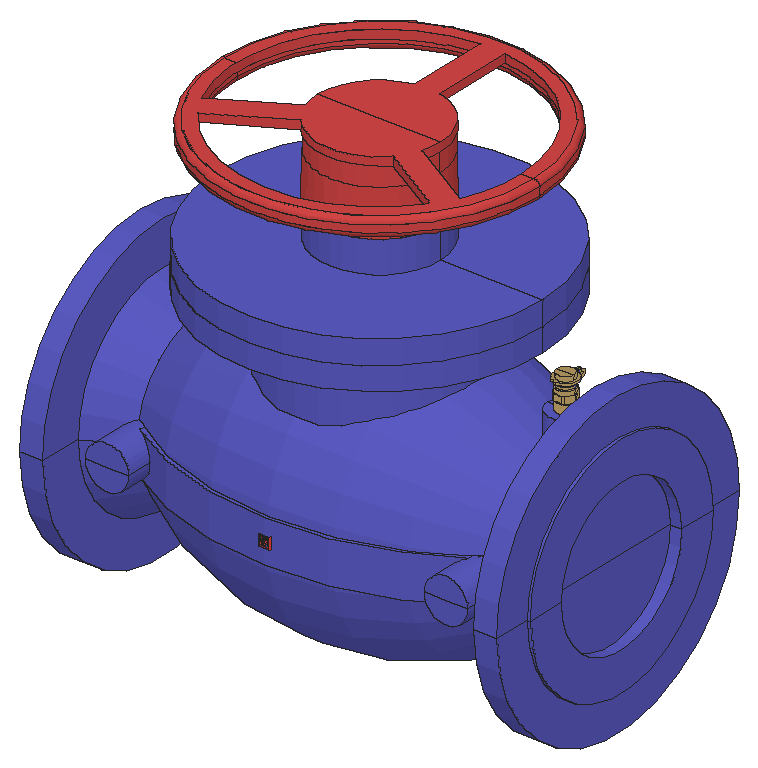
Revit family "Strangregulierventil für Differenzdruckmessung, Geradsitzform 4218 GF", category Rohrzubehör, Revit 2018
Family settings
  Bemaßung runder Anschluss = Durchmesser verwenden
  Teiletyp = Unterbricht
  OmniClass-Nummer = 23.65.55.14
  OmniClass-Titel = Valves for Liquid Services
  Arbeitsebenenbasiert = Nein
  Immer vertikal = Ja
  Beim Laden mit Abzugskörper schneiden = Nein
  Gemeinsam genutzt = Nein
Parameters
  kvs-Wert [instance] = if(Nennweite = 50.00 mm, 34.96, if(Nennweite = 65.00 mm, 66.94, if(Nennweite = 80.00 mm, 106.78, if(Nennweite = 100.00 mm, 169.45, if(Nennweite = 125.00 mm, 255.79, if(Nennweite = 150.00 mm, 389.54, if(Nennweite = 200.00 mm, 676.33, if(Nennweite = 250.00 mm, 1082.72, if(Nennweite = 300.00 mm, 1784.91, 0)))))))))  # 255.79
  Zählvorrichtung = "Kunststoff"  # constant formula
  W02 = 60.00°  # constant formula
  W01 = 85.00°  # constant formula
  Ventilkegel = "Grauguss GJL 250 nach EN 1561/ EPDM beschichtet"  # constant formula
  S01 [instance] = Nennweite + 10.00 mm  # 135.00 mm
  Regulierspindel = "Messing / Edelstahl"  # constant formula
  Oberteil = "Grauguss GJL 250 nach EN 1561"  # constant formula
  Spindel (bis DN100) = "Messing"  # constant formula
  O-Ringe = "EPDM"  # constant formula
  Gehäuse = "Grauguss GJL 250 nach EN 1561"  # constant formula
  URL = "www.herz-armaturen.at"
  SCRNSEQ = "ARM;ARM_TYP=\"STRV\";2"
  SCRNCODE = "05;07;02"  # constant formula
  R02 [instance] = size_lookup("4218_GF_", "R2", 1.00 mm, Nennweite)  # 15.00 mm
  R01 [instance] = size_lookup("4218_GF_", "R1", 1.00 mm, Nennweite)  # 18.00 mm
  Spindel (ab DN125) = "Edelstahl"  # constant formula
  Nennweite [instance] = 125.00 mm
  Medium = "Heizwasserqualität entsprechend ÖNORM H 5195 bzw. VDI Richtlinie 2035.\r\nEthylen und Propylenglykol können in einem Verhältnis von 25-50 vol. [%] gemischt werden."
  Max. Betriebstemperatur = 110 °C  # constant formula
  Min. Betriebstemperatur = -10 °C  # constant formula
  Max. Betriebsdruck = 1600000.0 Pa  # constant formula
  L04 [instance] = size_lookup("4218_GF_", "L4", 1.00 mm, Nennweite)  # 154.00 mm
  L03 [instance] = if(Nennweite = 50.00 mm, 48.00 mm, if(Nennweite = 65.00 mm, 52.00 mm, if(Nennweite = 80.00 mm, 60.00 mm, if(Nennweite = 100.00 mm, 75.00 mm, 15.00 mm))))  # 15.00 mm
  L02 [instance] = size_lookup("4218_GF_", "L2", 1.00 mm, Nennweite)  # 140.00 mm
  L01 [instance] = size_lookup("4218_GF_", "L1", 1.00 mm, Nennweite)  # 145.00 mm
  L00 [instance] = size_lookup("4218_GF_", "L", 1.00 mm, Nennweite)  # 400.00 mm
  Hersteller = "HERZ Armaturen Ges.m.b.H."  # constant formula
  H09 [instance] = H08 + H02  # 200.00 mm
  H08 [instance] = size_lookup("4218_GF_", "H8", 1.00 mm, Nennweite)  # 46.00 mm
  H07 [instance] = H02 + H06  # 174.00 mm
  H06 [instance] = size_lookup("4218_GF_", "H6", 1.00 mm, Nennweite)  # 20.00 mm
  H05 [instance] = size_lookup("4218_GF_", "H5", 1.00 mm, Nennweite)  # 100.00 mm
  H04 [instance] = H02 - H03  # 135.00 mm
  H03 [instance] = size_lookup("4218_GF_", "H3", 1.00 mm, Nennweite)  # 19.00 mm
  H02 [instance] = size_lookup("4218_GF_", "H2", 1.00 mm, Nennweite)  # 154.00 mm
  H01 [instance] = size_lookup("4218_GF_", "H1", 1.00 mm, Nennweite)  # 106.00 mm
  GT = 10.00 mm  # constant formula
  FLL02 [instance] = size_lookup("4218_GF_", "FLL2", 1.00 mm, Nennweite)  # 19.00 mm
  FLL01 [instance] = size_lookup("4218_GF_", "FLL1", 1.00 mm, Nennweite)  # 3.00 mm
  FLD03 [instance] = size_lookup("4218_GF_", "FLD3", 1.00 mm, Nennweite)  # 69.90 mm
  FLD02 [instance] = size_lookup("4218_GF_", "FLD2", 1.00 mm, Nennweite)  # 89.00 mm
  FLD01 [instance] = size_lookup("4218_GF_", "FLD1", 1.00 mm, Nennweite)  # 94.00 mm
  FLD00 [instance] = size_lookup("4218_GF_", "FLD", 1.00 mm, Nennweite)  # 125.00 mm
  Differenzdruckmessnung = "Das Strömax GF Strangregulierventil ist mit zwei Schnellmessventilen ausgestattet:\r\nBei Verwendung eines geeigneten Messgerätes kann der Differenzdruck gemessen und dadurch die jeweilige Durchflussmenge in Abhängigkeit der Einstellstufe ermittelt werden.\r\nAn den HERZ Messcomputern ist außerdem direkt die jeweilige Durchflussmenge ablesbar (siehe Gerätehandbuch).\r\nBei Verwendung von Frostschutzmittel ändert sich die Dichte des Medium, die bei Differenzdruckmessungen entsprechend zu berücksichtigen ist."
  DN80-DN100 [instance] = or(Nennweite = 80.00 mm, Nennweite = 100.00 mm)  # no
  DN80 [instance] = Nennweite = 80.00 mm  # no
  DN65 [instance] = Nennweite = 65.00 mm  # no
  DN50-DN65 [instance] = or(Nennweite = 50.00 mm, Nennweite = 65.00 mm)  # no
  DN50-DN100 [instance] = or(Nennweite = 50.00 mm, Nennweite = 65.00 mm, Nennweite = 80.00 mm, Nennweite = 100.00 mm)  # no
  DN50 [instance] = Nennweite = 50.00 mm  # no
  DN300 [instance] = Nennweite = 300.00 mm  # no
  DN250 [instance] = Nennweite = 250.00 mm  # no
  DN200-DN300 [instance] = or(Nennweite = 200.00 mm, Nennweite = 250.00 mm, Nennweite = 300.00 mm)  # no
  DN200 [instance] = Nennweite = 200.00 mm  # no
  DN150 [instance] = Nennweite = 150.00 mm  # no
  DN125-DN300 [instance] = or(Nennweite = 125.00 mm, Nennweite = 150.00 mm, Nennweite = 200.00 mm, Nennweite = 250.00 mm, Nennweite = 300.00 mm)  # yes
  DN125-DN150 [instance] = or(Nennweite = 125.00 mm, Nennweite = 150.00 mm)  # yes
  DN125 [instance] = Nennweite = 125.00 mm  # yes
  DN100 [instance] = Nennweite = 100.00 mm  # no
  D03 [instance] = size_lookup("4218_GF_", "D3", 1.00 mm, Nennweite)  # 50.50 mm
  D02 [instance] = size_lookup("4218_GF_", "D2", 1.00 mm, Nennweite)  # 135.00 mm
  D01 [instance] = size_lookup("4218_GF_", "D1", 1.00 mm, Nennweite)  # 86.00 mm
  D00 [instance] = size_lookup("4218_GF_", "D", 1.00 mm, Nennweite)  # 117.00 mm
  Bestellnummer [instance] = size_lookup("4218_GF_", "Artnr", 0, Nennweite)  # 1421884
  BH02 [instance] = -BH01  # -17.50 mm
  BH01 [instance] = size_lookup("4218_GF_", "BH1", 1.00 mm, Nennweite)  # 17.50 mm
  Ausführung = "Geradsitzform, Gehäuse Grauguss GJL 250 nach EN 1561, Flansche nach EN 1092, PN 16, blau lackiert.\r\nVentiloberteil Grauguss GJL 250, mit nicht steigender Spindel, Spindelabdichtung durch Drei-fach-O-Ring.\r\nDigitale Anzeige der Voreinstellstuffe."
  Anwendungen = "Zum hydraulischenAbgleich in Heiz- oder Kühlanlagen, Einregulieren und Absperren von Verteilleitungen, Strängen, Wärmetauschern, Heiz- und Kühlregistern."
  Anschluss [instance] = Nennweite / 2  # 62.50 mm
Reference planes
  plane 1 "Mitte (Vorne/hinten)": y = 0
  plane 2: z = 0
  plane 3 "Mitte (Links/rechts)": x = 0
Forms (mm)
  Revolve 1, solid, material "Herz-Marineblau", detail levels fine
    sketch origin (1058.943, 0, 0) x (1, 0, 0) y (0, 1, 0)
      loop
        line (-1255.943, 125) -> (-1255.943, 94) -> (-1258.943, 94) -> (-1258.943, 62.5) -> (-1248.943, 62.5) -> (-1248.943, 0) -> (-868.943, 0) -> (-868.943, 62.5) -> (-858.943, 62.5) -> (-858.943, 94) -> (-861.943, 94) -> (-861.943, 125) -> (-880.943, 125) -> (-880.943, 89) -> (-913.943, 69.9)
        arc (-913.943, 69.9) -> (-1058.943, 117) -> (-1203.943, 69.9) r 246.745
        line (-1203.943, 69.9) -> (-1236.943, 89) -> (-1236.943, 125) -> (-1255.943, 125)
      axis (-1258.943, 0) -> (-858.943, 0)
    angle from 0 to 360
  Revolve 2, solid, material "Herz-Marineblau", detail levels fine
    sketch origin (0, 0, 0) x (1, 0, 0) y (0, 1, 0)
      loop
        line (-140, 106) -> (-158, 106) -> (-158, -106) -> (-140, -106) -> (-140, 106)
      axis (-140, 106) -> (-140, -106)
    angle from 0 to 360
  Revolve 3, solid, material "Herz-Marineblau", detail levels fine
    sketch origin (0, 0, 0) x (-1, 0, 0) y (0, 1, 0)
      loop
        line (-140, 106) -> (-158, 106) -> (-158, -106) -> (-140, -106) -> (-140, 106)
      axis (-140, 106) -> (-140, -106)
    angle from 0 to 360
  Revolve 4, solid, material "Herz-Marineblau", visible <- "DN125-DN300", detail levels fine
    sketch origin (0, 0, 0) x (1, 0, 0) y (0, 0, 1)
      loop
        line (0, 0) -> (0, 154) -> (-135, 154) -> (-135, 135) -> (-86, 135) -> (-86, 0) -> (0, 0)
      axis (0, 154) -> (0, 0)
    angle from 0 to 360
  Revolve 5, solid, material "Herz-Marineblau", visible <- "DN50-DN100", detail levels fine
    sketch origin (0, 0, 0) x (1, 0, 0) y (0, 0, 1)
      loop
        line (0, 0) -> (0, 135) -> (-86, 135) -> (-86, 0) -> (0, 0)
      axis (0, 135) -> (0, 0)
    angle from 0 to 360
  Extrusion 6, solid, material "Herz-Marineblau", visible <- "DN50-DN100", detail levels fine
    sketch origin (0, 0, 0) x (1, 0, 0) y (0, 1, 0)
      loop
        line (0, 135) -> (-15, 133.688) -> (-133.688, 15) -> (-135, 0) -> (-133.688, -15) -> (-15, -133.688) -> (0, -135) -> (15, -133.688) -> (133.688, -15) -> (135, 0) -> (133.688, 15) -> (15, 133.688) -> (0, 135)
    from 135 <- "H04" to 154 <- "H02"
  Revolve 7, solid, material "Herz-Marineblau", detail levels fine
    sketch origin (0, 0, 0) x (1, 0, 0) y (0, 0, 1)
      loop
        line (-154, 0) -> (-154, 100) -> (-169, 100) -> (-169, 0) -> (-154, 0)
      axis (-154, 100) -> (-154, 0)
    angle from 0 to 360
  Revolve 8, solid, material "Herz-Marineblau", detail levels fine
    sketch origin (0, 0, 0) x (-1, 0, 0) y (0, 0, 1)
      loop
        line (-154, 0) -> (-154, 100) -> (-169, 100) -> (-169, 0) -> (-154, 0)
      axis (-154, 100) -> (-154, 0)
    angle from 0 to 360
  Extrusion 9, solid, material "Herz-Marineblau", visible <- "DN50", detail levels fine
    sketch origin (0, 0, 0) x (1, 0, 0) y (0, 1, 0)
      loop
        line (-75, 27.444) -> (-75, -27.444)
        arc (-75, -27.444) -> (0, -55) -> (75, -27.444) r 115.842
        line (75, -27.444) -> (75, 27.444)
        arc (75, 27.444) -> (0, 55) -> (-75, 27.444) r 115.842
    from -17.5 <- "BH02" to 17.5 <- "BH01"
  Extrusion 10, solid, material "Herz-Marineblau", visible <- "DN65", detail levels fine
    sketch origin (0, 0, 0) x (1, 0, 0) y (0, 1, 0)
      loop
        arc (-89, -45.667) -> (0, -68.022) -> (89, -45.667) r 188.34
        line (89, -45.667) -> (89, 45.667)
        arc (89, 45.667) -> (0, 68.022) -> (-89, 45.667) r 188.34
        line (-89, 45.667) -> (-89, -45.667)
    from -17.5 <- "BH02" to 17.5 <- "BH01"
  Extrusion 11, solid, material "Herz-Marineblau", visible <- "DN80", detail levels fine
    sketch origin (0, 0, 0) x (1, 0, 0) y (0, 1, 0)
      loop
        arc (-100, -48.604) -> (0, -75.01) -> (100, -48.604) r 202.557
        line (100, -48.604) -> (100, 48.604)
        arc (100, 48.604) -> (0, 75.01) -> (-100, 48.604) r 202.557
        line (-100, 48.604) -> (-100, -48.604)
    from -17.5 <- "BH02" to 17.5 <- "BH01"
  Extrusion 12, solid, material "Herz-Marineblau", visible <- "DN100", detail levels fine
    sketch origin (0, 0, 0) x (1, 0, 0) y (0, 1, 0)
      loop
        arc (-118, -60.889) -> (0, -83.721) -> (118, -60.889) r 316.34
        line (118, -60.889) -> (118, 60.889)
        arc (118, 60.889) -> (0, 83.721) -> (-118, 60.889) r 316.34
        line (-118, 60.889) -> (-118, -60.889)
    from -17.5 <- "BH02" to 17.5 <- "BH01"
  Extrusion 13, solid, material "Herz-Marineblau", visible <- "DN125", detail levels fine
    sketch origin (0, 0, 0) x (1, 0, 0) y (0, 1, 0)
      loop
        arc (-140, -75.261) -> (0, -118.541) -> (140, -75.261) r 248.073
        line (140, -75.261) -> (140, 75.261)
        arc (140, 75.261) -> (0, 118.541) -> (-140, 75.261) r 248.073
        line (-140, 75.261) -> (-140, -75.261)
    from -17.5 <- "BH02" to 17.5 <- "BH01"
  Extrusion 14, solid, material "Herz-Marineblau", visible <- "DN150", detail levels fine
    sketch origin (0, 0, 0) x (1, 0, 0) y (0, 1, 0)
      loop
        arc (-170, -94.727) -> (0, -138.5) -> (170, -94.727) r 352.003
        line (170, -94.727) -> (170, 94.727)
        arc (170, 94.727) -> (0, 138.5) -> (-170, 94.727) r 352.003
        line (-170, 94.727) -> (-170, -94.727)
    from -17.5 <- "BH02" to 17.5 <- "BH01"
  Extrusion 15, solid, material "Herz-Marineblau", visible <- "DN200", detail levels fine
    sketch origin (0, 0, 0) x (1, 0, 0) y (0, 1, 0)
      loop
        arc (-200, -127.319) -> (0, -163.032) -> (200, -127.319) r 577.879
        line (200, -127.319) -> (200, 127.319)
        arc (200, 127.319) -> (0, 163.032) -> (-200, 127.319) r 577.879
        line (-200, 127.319) -> (-200, -127.319)
    from -17.5 <- "BH02" to 17.5 <- "BH01"
  Extrusion 16, solid, material "Herz-Marineblau", visible <- "DN250", detail levels fine
    sketch origin (0, 0, 0) x (1, 0, 0) y (0, 1, 0)
      loop
        arc (-250, -153.89) -> (0, -191.531) -> (250, -153.89) r 849.033
        line (250, -153.89) -> (250, 153.89)
        arc (250, 153.89) -> (0, 191.531) -> (-250, 153.89) r 849.033
        line (-250, 153.89) -> (-250, -153.89)
    from -17.5 <- "BH02" to 17.5 <- "BH01"
  Extrusion 17, solid, material "Herz-Marineblau", visible <- "DN300", detail levels fine
    sketch origin (0, 0, 0) x (1, 0, 0) y (0, 1, 0)
      loop
        arc (-300, -192.377) -> (0, -268.099) -> (300, -192.377) r 632.133
        line (300, -192.377) -> (300, 192.377)
        arc (300, 192.377) -> (0, 268.099) -> (-300, 192.377) r 632.133
        line (-300, 192.377) -> (-300, -192.377)
    from -17.5 <- "BH02" to 17.5 <- "BH01"
  Extrusion 18, solid, material "Herz-Marineblau", visible <- "DN50-DN100", detail levels fine
    sketch origin (0, 0, 0) x (1, 0, 0) y (0, 1, 0)
      loop
        line (0, 135) -> (-15, 133.688) -> (-133.688, 15) -> (-135, 0) -> (-133.688, -15) -> (-15, -133.688) -> (0, -135) -> (15, -133.688) -> (133.688, -15) -> (135, 0) -> (133.688, 15) -> (15, 133.688) -> (0, 135)
    from 154 <- "H02" to 174 <- "H07"
  Revolve 19, solid, material "Herz-Marineblau", visible <- "DN125-DN300", detail levels fine
    sketch origin (0, 0, 0) x (1, 0, 0) y (0, 0, 1)
      loop
        line (0, 154) -> (0, 200) -> (-50.5, 200) -> (-50.5, 174) -> (-135, 174) -> (-135, 154) -> (0, 154)
      axis (0, 200) -> (0, 154)
    angle from 0 to 360
  Revolve 20, solid, material "Herz-Marineblau", visible <- "DN50-DN100", detail levels fine
    sketch origin (0, 0, 0) x (1, 0, 0) y (0, 0, 1)
      loop
        line (0, 174) -> (0, 200) -> (-50.5, 200) -> (-50.5, 174) -> (0, 174)
      axis (0, 200) -> (0, 174)
    angle from 0 to 360
Lines and regions (mm)
  model lines, detail levels coarse+medium
    curve 1: line (-200, 0, 125) -> (-200, 0, -125)
    curve 2: line (-200, 0, -125) -> (200, 0, 125)
    curve 3: line (200, 0, 125) -> (200, 0, -125)
    curve 4: line (200, 0, -125) -> (-200, 0, 125)
    curve 5: line (0, 0, 0) -> (115.47, 0, 200)
    curve 6: line (57.013, 0, 233.75) -> (173.927, 0, 166.25)
    curve 7: line (-200, 125, 0) -> (-200, -125, 0)
    curve 8: line (-200, -125, 0) -> (200, 125, 0)
    curve 9: line (200, 125, 0) -> (200, -125, 0)
    curve 10: line (200, -125, 0) -> (-200, 125, 0)
    curve 11: line (0, 0, 0) -> (115.47, 200, 0)
    curve 12: line (57.013, 233.75, 0) -> (173.927, 166.25, 0)
Dimensions and locks
  "FLD00": plane 1 "Mitte (Vorne/hinten)" to Revolve 1 sketch curve
  "FLD01": plane 1 "Mitte (Vorne/hinten)" to Revolve 1 sketch curve
  "FLD02": plane 1 "Mitte (Vorne/hinten)" to Revolve 1 sketch curve  (x2)
  "FLD03": plane 1 "Mitte (Vorne/hinten)" to Revolve 1 sketch curve  (x2)
  "GT": Revolve 1 sketch curve to Revolve 1 sketch curve  (x2)
  "FLL01": Revolve 1 sketch curve to Revolve 1 sketch curve  (x2)
  "FLL02": Revolve 1 sketch curve to Revolve 1 sketch curve  (x2)
  equal spacing: Revolve 1 sketch curve, plane 3 "Mitte (Links/rechts)", Revolve 1 sketch curve
  "Anschluss": Revolve 1 sketch curve to plane 1 "Mitte (Vorne/hinten)"
  "Anschluss": plane 1 "Mitte (Vorne/hinten)" to Revolve 1 sketch curve
  "FLD01": Revolve 1 sketch curve to plane 1 "Mitte (Vorne/hinten)"
  "FLD00": Revolve 1 sketch curve to plane 1 "Mitte (Vorne/hinten)"
  "L00": Revolve 1 sketch curve to Revolve 1 sketch curve
  "D00": plane 1 "Mitte (Vorne/hinten)" to Revolve 1 sketch curve
  "L01": Revolve 1 sketch curve to plane 3 "Mitte (Links/rechts)" to Revolve 1 sketch curve
  "L02": Revolve 2 sketch curve to plane 3 "Mitte (Links/rechts)"
  "R01": Revolve 2 sketch curve to Revolve 2 sketch curve
  "H01": Revolve 2 sketch curve to plane 1 "Mitte (Vorne/hinten)" to Revolve 2 sketch curve
  "L02": plane 3 "Mitte (Links/rechts)" to Revolve 3 sketch curve
  "R01": Revolve 3 sketch curve to Revolve 3 sketch curve
  "H01": Revolve 3 sketch curve to plane 1 "Mitte (Vorne/hinten)" to Revolve 3 sketch curve
  "H02": Revolve 4 sketch curve to plane 2
  "D01": Revolve 4 sketch curve to Revolve 4 sketch curve
  "D02": Revolve 4 sketch curve to Revolve 4 sketch curve
  "H03": Revolve 4 sketch curve to Revolve 4 sketch curve
  "H04": Revolve 5 sketch curve to plane 2
  "D01": Revolve 5 sketch curve to Revolve 5 sketch curve
  "D02": Extrusion 6 sketch curve to plane 3 "Mitte (Links/rechts)" to Extrusion 6 sketch curve
  "D02": Extrusion 6 sketch curve to plane 1 "Mitte (Vorne/hinten)" to Extrusion 6 sketch curve
  "L03": Extrusion 6 sketch curve to plane 3 "Mitte (Links/rechts)"  (x2)
  "L03": plane 3 "Mitte (Links/rechts)" to Extrusion 6 sketch curve  (x2)
  "L03": plane 1 "Mitte (Vorne/hinten)" to Extrusion 6 sketch curve  (x2)
  "L03": Extrusion 6 sketch curve to plane 1 "Mitte (Vorne/hinten)"  (x2)
  "L04": plane 3 "Mitte (Links/rechts)" to Revolve 7 sketch curve
  "R02": Revolve 7 sketch curve to Revolve 7 sketch curve
  "H05": Revolve 7 sketch curve to plane 2
  "R02": Revolve 8 sketch curve to Revolve 8 sketch curve
  "L04": Revolve 8 sketch curve to plane 3 "Mitte (Links/rechts)"
  "H05": Revolve 8 sketch curve to plane 2
  "L04": plane 3 "Mitte (Links/rechts)" to nested 1
  "L04": nested 2 to plane 3 "Mitte (Links/rechts)"
  "H05": nested 1 to plane 2
  "H05": nested 2 to plane 2
  "L03": Extrusion 18 sketch curve to plane 3 "Mitte (Links/rechts)"  (x2)
  "L03": plane 3 "Mitte (Links/rechts)" to Extrusion 18 sketch curve  (x2)
  "L03": plane 1 "Mitte (Vorne/hinten)" to Extrusion 18 sketch curve  (x2)
  "L03": Extrusion 18 sketch curve to plane 1 "Mitte (Vorne/hinten)"  (x2)
  "D02": Extrusion 18 sketch curve to plane 3 "Mitte (Links/rechts)" to Extrusion 18 sketch curve
  "D02": Extrusion 18 sketch curve to plane 1 "Mitte (Vorne/hinten)" to Extrusion 18 sketch curve
  "H02": Revolve 19 sketch curve to plane 2
  "H06": Revolve 19 sketch curve to Revolve 19 sketch curve
  "H08": Revolve 19 sketch curve to Revolve 19 sketch curve
  "D03": Revolve 19 sketch curve to Revolve 19 sketch curve
  "D02": Revolve 19 sketch curve to Revolve 19 sketch curve
  "D03": Revolve 20 sketch curve to Revolve 20 sketch curve
  "H07": Revolve 20 sketch curve to plane 2
  "H08": Revolve 20 sketch curve to Extrusion 18
  "H09": nested 12 to plane 2
  "H09": nested 13 to plane 2
  "H09": nested 14 to plane 2
  "H09": nested 15 to plane 2
  "FLD00": curve 4 to plane 2 to curve 2
  "FLD00": curve 3 to plane 2 to curve 4
  equal spacing: curve 1, plane 3 "Mitte (Links/rechts)", curve 3
  "L00": curve 1 to curve 3
  "H09": curve 5 to plane 2
  equal spacing: curve 1, curve 5, curve 3
  equal spacing: curve 6, curve 5, curve 6
  "S01": curve 6 to curve 6
  "FLD00": curve 8 to plane 1 "Mitte (Vorne/hinten)" to curve 10
  "FLD00": curve 10 to plane 1 "Mitte (Vorne/hinten)" to curve 9
  equal spacing: curve 7, plane 3 "Mitte (Links/rechts)", curve 9
  "L00": curve 7 to curve 9
  equal spacing: curve 7, curve 11, curve 9
  "H09": plane 1 "Mitte (Vorne/hinten)" to curve 11
  equal spacing: curve 12, curve 11, curve 12
  "S01": curve 12 to curve 12
  "W01": angle Extrusion 6 sketch curve to plane 3 "Mitte (Links/rechts)"  (x2)
  "W01": angle plane 3 "Mitte (Links/rechts)" to Extrusion 6 sketch curve  (x2)
  "W01": angle Extrusion 6 sketch curve to plane 1 "Mitte (Vorne/hinten)"  (x2)
  "W01": angle plane 1 "Mitte (Vorne/hinten)" to Extrusion 6 sketch curve  (x2)
  "W01": angle plane 1 "Mitte (Vorne/hinten)" to Extrusion 18 sketch curve  (x2)
  "W01": angle Extrusion 18 sketch curve to plane 1 "Mitte (Vorne/hinten)"  (x2)
  "W01": angle Extrusion 18 sketch curve to plane 3 "Mitte (Links/rechts)"  (x2)
  "W01": angle plane 3 "Mitte (Links/rechts)" to Extrusion 18 sketch curve  (x2)
  "W02": angle plane 2 to curve 5
  "W02": angle plane 1 "Mitte (Vorne/hinten)" to curve 11
  aligned and locked: level to plane 2
Automatic sketch dimensions
  Extrusion 9 sketch curve to plane 3 "Mitte (Links/rechts)" = 0.00 mm  (x2)
  Extrusion 9 sketch curve to plane 1 "Mitte (Vorne/hinten)" = 27.444 mm  (x2)
  Extrusion 9 sketch curve to plane 3 "Mitte (Links/rechts)" = 75.00 mm
  plane 1 "Mitte (Vorne/hinten)" to Extrusion 9 sketch curve = 60.843 mm
  Extrusion 9 sketch curve to plane 1 "Mitte (Vorne/hinten)" = 60.843 mm
  plane 1 "Mitte (Vorne/hinten)" to Extrusion 9 sketch curve = 27.444 mm
  Extrusion 10 sketch curve to plane 3 "Mitte (Links/rechts)" = 0.00 mm  (x2)
  plane 1 "Mitte (Vorne/hinten)" to Extrusion 10 sketch curve = 45.667 mm
  Extrusion 10 sketch curve to plane 3 "Mitte (Links/rechts)" = 89.00 mm
  Extrusion 10 sketch curve to Extrusion 10 sketch curve = 74.651 mm
  Extrusion 10 sketch curve to plane 1 "Mitte (Vorne/hinten)" = 120.318 mm
  Extrusion 10 sketch curve to plane 1 "Mitte (Vorne/hinten)" = 45.667 mm  (x2)
  Extrusion 11 sketch curve to plane 3 "Mitte (Links/rechts)" = 0.00 mm  (x2)
  plane 1 "Mitte (Vorne/hinten)" to Extrusion 11 sketch curve = 48.604 mm  (x2)
  Extrusion 11 sketch curve to plane 3 "Mitte (Links/rechts)" = 100.00 mm
  Extrusion 11 sketch curve to Extrusion 11 sketch curve = 78.943 mm
  Extrusion 11 sketch curve to plane 1 "Mitte (Vorne/hinten)" = 127.547 mm
  Extrusion 11 sketch curve to plane 1 "Mitte (Vorne/hinten)" = 48.604 mm
  Extrusion 12 sketch curve to plane 3 "Mitte (Links/rechts)" = 0.00 mm  (x2)
  Extrusion 12 sketch curve to plane 1 "Mitte (Vorne/hinten)" = 60.889 mm  (x2)
  Extrusion 12 sketch curve to plane 3 "Mitte (Links/rechts)" = 118.00 mm
  plane 1 "Mitte (Vorne/hinten)" to Extrusion 12 sketch curve = 232.619 mm
  Extrusion 12 sketch curve to Extrusion 12 sketch curve = 171.731 mm
  plane 1 "Mitte (Vorne/hinten)" to Extrusion 12 sketch curve = 60.889 mm
  Extrusion 13 sketch curve to plane 3 "Mitte (Links/rechts)" = 0.00 mm  (x2)
  Extrusion 13 sketch curve to plane 1 "Mitte (Vorne/hinten)" = 75.261 mm  (x2)
  Extrusion 13 sketch curve to plane 3 "Mitte (Links/rechts)" = 140.00 mm
  plane 1 "Mitte (Vorne/hinten)" to Extrusion 13 sketch curve = 129.532 mm
  Extrusion 13 sketch curve to plane 1 "Mitte (Vorne/hinten)" = 129.532 mm
  plane 1 "Mitte (Vorne/hinten)" to Extrusion 13 sketch curve = 75.261 mm
  Extrusion 14 sketch curve to plane 3 "Mitte (Links/rechts)" = 0.00 mm  (x2)
  plane 1 "Mitte (Vorne/hinten)" to Extrusion 14 sketch curve = 94.727 mm  (x2)
  Extrusion 14 sketch curve to plane 3 "Mitte (Links/rechts)" = 170.00 mm
  Extrusion 14 sketch curve to Extrusion 14 sketch curve = 118.776 mm
  Extrusion 14 sketch curve to plane 1 "Mitte (Vorne/hinten)" = 213.503 mm
  Extrusion 14 sketch curve to plane 1 "Mitte (Vorne/hinten)" = 94.727 mm
  Extrusion 15 sketch curve to plane 3 "Mitte (Links/rechts)" = 0.00 mm  (x2)
  Extrusion 15 sketch curve to plane 1 "Mitte (Vorne/hinten)" = 127.319 mm  (x2)
  Extrusion 15 sketch curve to plane 3 "Mitte (Links/rechts)" = 200.00 mm
  plane 1 "Mitte (Vorne/hinten)" to Extrusion 15 sketch curve = 414.847 mm
  Extrusion 15 sketch curve to Extrusion 15 sketch curve = 287.528 mm
  plane 1 "Mitte (Vorne/hinten)" to Extrusion 15 sketch curve = 127.319 mm
  Extrusion 16 sketch curve to plane 3 "Mitte (Links/rechts)" = 0.00 mm  (x2)
  Extrusion 16 sketch curve to plane 1 "Mitte (Vorne/hinten)" = 153.89 mm  (x2)
  Extrusion 16 sketch curve to plane 3 "Mitte (Links/rechts)" = 250.00 mm
  plane 1 "Mitte (Vorne/hinten)" to Extrusion 16 sketch curve = 657.503 mm
  Extrusion 16 sketch curve to Extrusion 16 sketch curve = 503.613 mm
  plane 1 "Mitte (Vorne/hinten)" to Extrusion 16 sketch curve = 153.89 mm
  Extrusion 17 sketch curve to plane 3 "Mitte (Links/rechts)" = 0.00 mm  (x2)
  Extrusion 17 sketch curve to plane 1 "Mitte (Vorne/hinten)" = 192.377 mm  (x2)
  Extrusion 17 sketch curve to plane 3 "Mitte (Links/rechts)" = 300.00 mm
  plane 1 "Mitte (Vorne/hinten)" to Extrusion 17 sketch curve = 364.034 mm
  Extrusion 17 sketch curve to Extrusion 17 sketch curve = 171.657 mm
  plane 1 "Mitte (Vorne/hinten)" to Extrusion 17 sketch curve = 192.377 mm
  plane 1 "Mitte (Vorne/hinten)" to Revolve 1 sketch curve = 0.00 mm  (x2)
  Revolve 1 sketch curve to Revolve 1 sketch curve = 35.00 mm
  Revolve 1 sketch curve to Revolve 1 sketch curve = 40.00 mm
  Revolve 2 sketch curve to Revolve 2 sketch curve = 0.00 mm  (x3)
  Revolve 3 sketch curve to Revolve 3 sketch curve = 0.00 mm  (x3)
  Revolve 4 sketch curve to level = 0.00 mm
  Revolve 4 sketch curve to plane 3 "Mitte (Links/rechts)" = 0.00 mm  (x2)
  Revolve 4 sketch curve to Revolve 4 sketch curve = 366.045 mm
  Revolve 4 sketch curve to Revolve 4 sketch curve = 2169.315 mm
  Revolve 5 sketch curve to level = 0.00 mm
  Revolve 5 sketch curve to plane 3 "Mitte (Links/rechts)" = 0.00 mm  (x2)
  Revolve 5 sketch curve to Revolve 5 sketch curve = 366.045 mm
  Revolve 5 sketch curve to Revolve 5 sketch curve = 2147.315 mm
  Extrusion 6 sketch curve to plane 3 "Mitte (Links/rechts)" = 0.00 mm  (x2)
  plane 1 "Mitte (Vorne/hinten)" to Extrusion 6 sketch curve = 0.00 mm  (x2)
  Revolve 7 sketch curve to level = 0.00 mm  (x2)
  Revolve 7 sketch curve to Revolve 7 sketch curve = 0.00 mm  (x2)
  Revolve 8 sketch curve to level = 0.00 mm  (x2)
  Revolve 8 sketch curve to Revolve 8 sketch curve = 0.00 mm  (x2)
  Extrusion 18 sketch curve to plane 3 "Mitte (Links/rechts)" = 0.00 mm  (x2)
  plane 1 "Mitte (Vorne/hinten)" to Extrusion 18 sketch curve = 0.00 mm  (x2)
  Revolve 19 sketch curve to plane 3 "Mitte (Links/rechts)" = 0.00 mm  (x2)
  Revolve 19 sketch curve to level = 366.045 mm
  Revolve 19 sketch curve to Revolve 19 sketch curve = 2105.315 mm
  Revolve 20 sketch curve to plane 3 "Mitte (Links/rechts)" = 0.00 mm  (x2)
  Revolve 20 sketch curve to level = 366.045 mm
  Revolve 20 sketch curve to Revolve 20 sketch curve = 2105.315 mm
Nested families
  nested 1: "Messstutzen_Band_Eintritt_senkrecht_(oben)" at (-154, 0, 91), type "Messstutzen_Band_Eintritt_senkrecht_(oben)", detail levels fine
    with Schutzkappe yes, Nennweite 0.00 mm, Gewicht 0.00 kg, Bestellnummer 0
  nested 2: "Messstutzen_Band_Austritt_senkrecht_(oben)" at (154, 0, 91), type "Messstutzen_Band_Austritt_senkrecht_(oben)", detail levels fine
    with Schutzkappe yes, Nennweite 0.00 mm, Gewicht 0.00 kg, Bestellnummer 0
  nested 3: "Herz-Logo-vorne" at (0, -55, 0) x (0, 1, 0) z (0, 0, 1), visible <- "DN50", type "Herz-Logo-vorne", detail levels fine
  nested 4: "Herz-Logo-vorne" at (0, -68.004, 0) x (0, 1, 0) z (0, 0, 1), visible <- "DN65", type "Herz-Logo-vorne", detail levels fine
  nested 5: "Herz-Logo-vorne" at (0, -74.992, 0) x (0, 1, 0) z (0, 0, 1), visible <- "DN80", type "Herz-Logo-vorne", detail levels fine
  nested 6: "Herz-Logo-vorne" at (0, -83.721, 0) x (0, 1, 0) z (0, 0, 1), visible <- "DN100", type "Herz-Logo-vorne", detail levels fine
  nested 7: "Herz-Logo-vorne" at (0, -118.541, 0) x (0, 1, 0) z (0, 0, 1), visible <- "DN125", type "Herz-Logo-vorne", detail levels fine
  nested 8: "Herz-Logo-vorne" at (0, -138.5, 0) x (0, 1, 0) z (0, 0, 1), visible <- "DN150", type "Herz-Logo-vorne", detail levels fine
  nested 9: "Herz-Logo-vorne" at (0, -163.032, 0) x (0, 1, 0) z (0, 0, 1), visible <- "DN200", type "Herz-Logo-vorne", detail levels fine
  nested 10: "Herz-Logo-vorne" at (0, -191.513, 0) x (0, 1, 0) z (0, 0, 1), visible <- "DN250", type "Herz-Logo-vorne", detail levels fine
  nested 11: "Herz-Logo-vorne" at (0, -268.082, 0) x (0, 1, 0) z (0, 0, 1), visible <- "DN300", type "Herz-Logo-vorne", detail levels fine
  nested 12: "Strangregulierventil-Handrad_VOLL-Gerade (Rot) DN50-DN65" at (0, 0, 200), visible <- "DN50-DN65", type "Strangregulierventil-Handrad_VOLL-Gerade (Rot) DN50-DN65", detail levels fine
  nested 13: "Strangregulierventil-Handrad_VOLL-Gerade (Rot) DN80-DN100" at (0, 0, 200), visible <- "DN80-DN100", type "Strangregulierventil-Handrad_VOLL-Gerade (Rot) DN80-DN100", detail levels fine
  nested 14: "Strangregulierventil-Handrad_VOLL-Gerade (Rot) DN125-DN150" at (0, 0, 200), visible <- "DN125-DN150", type "Strangregulierventil-Handrad_VOLL-Gerade (Rot) DN125-DN150", detail levels fine
  nested 15: "Strangregulierventil-Handrad_VOLL-Gerade (Rot) DN200-DN300" at (0, 0, 200), visible <- "DN200-DN300", type "Strangregulierventil-Handrad_VOLL-Gerade (Rot) DN200-DN300", detail levels fine
    with DN300 yes
Connectors
  piping at (-200, 0, 0), diameter 125, driven by "Nennweite"
    settings: on Revolve 1, index 1, connector inside diameter 609.6 mm, connector length 0.00 mm, flow factor 0, pipe flow 0.0 L/s, pressure drop 0.0 Pa, fitting loss kfactor 0, connector angle 0.00°, fixture units 0, engagement length 0.00 mm, angle of deflection 0.00°, flow configuration 0, flow direction 1, fitting loss method 0, system type 29, joint type 0, gender type 0, connector reference index -1, connector utility 0, adjustable connector no, is connector primary yes, connector description ""
  piping at (200, 0, 0), diameter 125, driven by "Nennweite"
    settings: on Revolve 1, index 2, connector inside diameter 609.6 mm, connector length 0.00 mm, flow factor 0, pipe flow 0.0 L/s, pressure drop 0.0 Pa, fitting loss kfactor 0, connector angle 0.00°, fixture units 0, engagement length 0.00 mm, angle of deflection 0.00°, flow configuration 0, flow direction 2, fitting loss method 0, system type 29, joint type 0, gender type 0, connector reference index -1, connector utility 0, adjustable connector no, is connector primary no, connector description ""
Definition of nested family "Messstutzen_Band_Eintritt_senkrecht_(oben)"
  Parameters (values of type "Messstutzen_Band_Eintritt_senkrecht_(oben)")
    URL = "www.herz-armaturen.at"
    Schutzkappe [instance] = yes
    Nennweite [instance] = 0.00 mm
    Manufacturer = "Herz Armaturen GmbH"  # constant formula
    Gewicht [instance] = 0.00 kg
    Bestellnummer [instance] = 0
  Reference planes
    plane 1 "Mitte (Vorne/hinten)": y = 0
    plane 2: z = 0
    plane 3 "Mitte (Links/rechts)": x = 0
    plane 4 "Schlaufe 1": z = -27
    plane 5 "Schlaufe 2": z = -31.678
  Forms (mm)
    Revolve 1, solid, detail levels fine
      sketch origin (0, 0, 0) x (1, 0, 0) y (0, 0, 1)
        loop
          line (-7.4, 9) -> (-5.55, 9) -> (-5.55, 6)
          arc (-5.55, 6) -> (-5.626, 5.617) -> (-5.843, 5.293) r 1
          line (-5.843, 5.293) -> (-6.455, 4.681) -> (-6.455, 0.9) -> (-5.555, 0) -> (-2, 0) -> (-2, 17.5) -> (-8.4, 17.5)
          arc (-8.4, 17.5) -> (-7.693, 17.207) -> (-7.4, 16.5) r 1
          line (-7.4, 16.5) -> (-7.4, 9)
        loop
          line (-3.7, 27) -> (-7.3, 27) -> (-7.9, 26.4) -> (-7.9, 23) -> (-2, 23) -> (-2, 35.8) -> (-3.805, 35.8) -> (-4.415, 35.19) -> (-4.415, 30.863) -> (-3.7, 30.45) -> (-3.7, 27)
        axis (0, 0) -> (0, 35.8)
      angle from 0 to 360
    Extrusion 2, solid, detail levels fine
      sketch origin (0, 0, 17.5) x (0, 1, 0) y (-1, 0, 0)
        loop
          arc (-7.07, 5.156) -> (-7.578, 4.375) -> (-8, 3.544) r 8.75
          line (-8, 3.544) -> (-8, -3.544)
          arc (-8, -3.544) -> (-7.578, -4.375) -> (-7.07, -5.156) r 8.75
          line (-7.07, -5.156) -> (-0.93, -8.7)
          arc (-0.93, -8.7) -> (0, -8.75) -> (0.93, -8.7) r 8.75
          line (0.93, -8.7) -> (7.07, -5.156)
          arc (7.07, -5.156) -> (7.578, -4.375) -> (8, -3.544) r 8.75
          line (8, -3.544) -> (8, 3.544)
          arc (8, 3.544) -> (7.578, 4.375) -> (7.07, 5.156) r 8.75
          line (7.07, 5.156) -> (0.93, 8.7)
          arc (0.93, 8.7) -> (0, 8.75) -> (-0.93, 8.7) r 8.75
          line (-0.93, 8.7) -> (-7.07, 5.156)
      from 0 to 5.5
    Revolve 3, solid, visible <- "Schutzkappe", detail levels fine
      sketch origin (0, 0, 0) x (1, 0, 0) y (0, 0, 1)
        loop
          line (0, 35.878) -> (0, 36.678) -> (-7, 36.678) -> (-7, 33.378) -> (-6.1, 33.378) -> (-6.1, 31.678) -> (-6.9, 31.678) -> (-6.9, 30.178) -> (-4.415, 30.178) -> (-4.415, 35.268) -> (-3.805, 35.878) -> (0, 35.878)
        axis (0, 30.178) -> (0, 36.678)
      angle from 0 to 360
    Extrusion 4, solid, detail levels fine
      sketch origin (0, 0, 28.5) x (1, 0, 0) y (0, 1, 0)
        loop
          circle (0, 0) r 3.7
        loop
          arc (-3.906, 5.505) -> (0, -6.75) -> (3.906, 5.505) r 6.75
          arc (3.906, 5.505) -> (2.358, 7.288) -> (1.8, 9.582) r 5
          line (1.8, 9.582) -> (-1.8, 9.582)
          arc (-1.8, 9.582) -> (-2.358, 7.288) -> (-3.906, 5.505) r 5
      from 0 to -1.5
    Extrusion 5, solid, detail levels fine
      sketch origin (0, 0, 33.178) x (1, 0, 0) y (0, 1, 0)
        loop
          circle (0, 0) r 6.1
        loop
          arc (-4.495, 8.652) -> (0, -9.75) -> (4.495, 8.652) r 9.75
          arc (4.495, 8.652) -> (2.527, 10.493) -> (1.8, 13.089) r 5
          line (1.8, 13.089) -> (-1.8, 13.089)
          arc (-1.8, 13.089) -> (-2.527, 10.493) -> (-4.495, 8.652) r 5
      from 0 to -1.5
    Sweep 6, solid, detail levels fine
      path origin (0, 0, 0) x (0, 0, -1) y (0, -1, 0)
        loop
          line (-27.75, -9.582) -> (-27.75, -14.522)
          arc (-27.75, -14.522) -> (-30.089, -16.862) -> (-32.428, -14.522) r 2.339
          line (-32.428, -14.522) -> (-32.428, -13.089)
      profile origin (0, 12.052, 27.75) x (0, 0, 1) y (1, 0, 0)
        loop
          line (-0.75, -1.8) -> (0.75, -1.8) -> (0.75, 1.8) -> (-0.75, 1.8) -> (-0.75, -1.8)
  Dimensions and locks
    aligned and locked: level to plane 2
Definition of nested family "Messstutzen_Band_Austritt_senkrecht_(oben)"
  Parameters (values of type "Messstutzen_Band_Austritt_senkrecht_(oben)")
    URL = "www.herz-armaturen.at"
    Schutzkappe [instance] = yes
    Nennweite [instance] = 0.00 mm
    Manufacturer = "Herz Armaturen GmbH"  # constant formula
    Gewicht [instance] = 0.00 kg
    Bestellnummer [instance] = 0
  Reference planes
    plane 1 "Mitte (Vorne/hinten)": y = 0
    plane 2: z = 0
    plane 3 "Mitte (Links/rechts)": x = 0
    plane 4 "Schlaufe 1": z = -27
    plane 5 "Schlaufe 2": z = -31.678
  Forms (mm)
    Revolve 1, solid, detail levels fine
      sketch origin (0, 0, 0) x (1, 0, 0) y (0, 0, 1)
        loop
          line (-7.4, 9) -> (-5.55, 9) -> (-5.55, 6)
          arc (-5.55, 6) -> (-5.626, 5.617) -> (-5.843, 5.293) r 1
          line (-5.843, 5.293) -> (-6.455, 4.681) -> (-6.455, 0.9) -> (-5.555, 0) -> (-2, 0) -> (-2, 17.5) -> (-8.4, 17.5)
          arc (-8.4, 17.5) -> (-7.693, 17.207) -> (-7.4, 16.5) r 1
          line (-7.4, 16.5) -> (-7.4, 9)
        loop
          line (-3.7, 27) -> (-7.3, 27) -> (-7.9, 26.4) -> (-7.9, 23) -> (-2, 23) -> (-2, 35.8) -> (-3.805, 35.8) -> (-4.415, 35.19) -> (-4.415, 30.863) -> (-3.7, 30.45) -> (-3.7, 27)
        axis (0, 0) -> (0, 35.8)
      angle from 0 to 360
    Extrusion 2, solid, detail levels fine
      sketch origin (0, 0, 17.5) x (0, 1, 0) y (-1, 0, 0)
        loop
          arc (-7.07, 5.156) -> (-7.578, 4.375) -> (-8, 3.544) r 8.75
          line (-8, 3.544) -> (-8, -3.544)
          arc (-8, -3.544) -> (-7.578, -4.375) -> (-7.07, -5.156) r 8.75
          line (-7.07, -5.156) -> (-0.93, -8.7)
          arc (-0.93, -8.7) -> (0, -8.75) -> (0.93, -8.7) r 8.75
          line (0.93, -8.7) -> (7.07, -5.156)
          arc (7.07, -5.156) -> (7.578, -4.375) -> (8, -3.544) r 8.75
          line (8, -3.544) -> (8, 3.544)
          arc (8, 3.544) -> (7.578, 4.375) -> (7.07, 5.156) r 8.75
          line (7.07, 5.156) -> (0.93, 8.7)
          arc (0.93, 8.7) -> (0, 8.75) -> (-0.93, 8.7) r 8.75
          line (-0.93, 8.7) -> (-7.07, 5.156)
      from 0 to 5.5
    Revolve 3, solid, visible <- "Schutzkappe", detail levels fine
      sketch origin (0, 0, 0) x (1, 0, 0) y (0, 0, 1)
        loop
          line (0, 35.878) -> (0, 36.678) -> (-7, 36.678) -> (-7, 33.378) -> (-6.1, 33.378) -> (-6.1, 31.678) -> (-6.9, 31.678) -> (-6.9, 30.178) -> (-4.415, 30.178) -> (-4.415, 35.268) -> (-3.805, 35.878) -> (0, 35.878)
        axis (0, 30.178) -> (0, 36.678)
      angle from 0 to 360
    Extrusion 4, solid, detail levels fine
      sketch origin (0, 0, 28.5) x (1, 0, 0) y (0, 1, 0)
        loop
          circle (0, 0) r 3.7
        loop
          arc (-3.906, 5.505) -> (0, -6.75) -> (3.906, 5.505) r 6.75
          arc (3.906, 5.505) -> (2.358, 7.288) -> (1.8, 9.582) r 5
          line (1.8, 9.582) -> (-1.8, 9.582)
          arc (-1.8, 9.582) -> (-2.358, 7.288) -> (-3.906, 5.505) r 5
      from 0 to -1.5
    Extrusion 5, solid, detail levels fine
      sketch origin (0, 0, 33.178) x (1, 0, 0) y (0, 1, 0)
        loop
          circle (0, 0) r 6.1
        loop
          arc (-4.495, 8.652) -> (0, -9.75) -> (4.495, 8.652) r 9.75
          arc (4.495, 8.652) -> (2.527, 10.493) -> (1.8, 13.089) r 5
          line (1.8, 13.089) -> (-1.8, 13.089)
          arc (-1.8, 13.089) -> (-2.527, 10.493) -> (-4.495, 8.652) r 5
      from 0 to -1.5
    Sweep 6, solid, detail levels fine
      path origin (0, 0, 0) x (0, 0, -1) y (0, -1, 0)
        loop
          line (-27.75, -9.582) -> (-27.75, -14.522)
          arc (-27.75, -14.522) -> (-30.089, -16.862) -> (-32.428, -14.522) r 2.339
          line (-32.428, -14.522) -> (-32.428, -13.089)
      profile origin (0, 12.052, 27.75) x (0, 0, 1) y (1, 0, 0)
        loop
          line (-0.75, -1.8) -> (0.75, -1.8) -> (0.75, 1.8) -> (-0.75, 1.8) -> (-0.75, -1.8)
  Dimensions and locks
    aligned and locked: level to plane 2
Definition of nested family "Herz-Logo-vorne"
  Reference planes
    plane 1 "Mitte (Vorne/hinten)": y = 0
    plane 2: z = 0
    plane 3 "Mitte (Links/rechts)": x = 0
  Forms (mm)
    Extrusion 1, solid
      sketch origin (0.732, -0.018, 0.017) x (0, -1, 0) y (0, 0, 1)
        loop
          line (-0.018, -4.517) -> (4.482, -4.517) -> (4.482, 4.483) -> (-4.518, 4.483) -> (-4.518, -4.517) -> (-0.018, -4.517)
        loop
          line (-0.05, -3.48) -> (3.482, -3.48) -> (3.482, 3.483) -> (-3.518, 3.483) -> (-3.518, -3.48) -> (-0.05, -3.48)
        loop
          arc (-0.018, 2.383) -> (-1.543, 3.287) -> (-3.067, 2.383) r 1.738
          arc (-3.067, 2.383) -> (-3.191, 1.899) -> (-3.067, 1.415) r 1.009
          line (-3.067, 1.415) -> (-0.018, -3.281) -> (3.032, 1.415)
          arc (3.032, 1.415) -> (3.156, 1.899) -> (3.032, 2.383) r 1.009
          arc (3.032, 2.383) -> (1.507, 3.287) -> (-0.018, 2.383) r 1.738
        loop
          arc (1.885, 1.272) -> (2.005, 1.675) -> (1.885, 2.079) r 0.74
          arc (1.885, 2.079) -> (1.265, 2.416) -> (0.644, 2.079) r 0.74
          line (0.644, 2.079) -> (-0.018, 0.97) -> (-0.679, 2.079)
          arc (-0.679, 2.079) -> (-1.3, 2.416) -> (-1.921, 2.079) r 0.74
          arc (-1.921, 2.079) -> (-2.04, 1.675) -> (-1.921, 1.272) r 0.74
          line (-1.921, 1.272) -> (-0.018, -1.658) -> (1.885, 1.272)
      from 0 to 1.5
  Dimensions and locks
    aligned and locked: level to plane 2
Definition of nested family "Strangregulierventil-Handrad_VOLL-Gerade (Rot) DN50-DN65"
  Reference planes
    plane 1 "Mitte (Vorne/hinten)": y = 0
    plane 2: z = 0
    plane 3 "Mitte (Links/rechts)": x = 0
  Forms (mm)
    Revolve 1, solid, detail levels fine
      sketch origin (0, 0, 0) x (1, 0, 0) y (0, 0, 1)
        loop
          line (0, 0) -> (0, 58.3) -> (-70.5, 58.3)
          arc (-70.5, 58.3) -> (-73.682, 56.982) -> (-75, 53.8) r 4.5
          line (-75, 53.8) -> (-75, 48.8)
          arc (-75, 48.8) -> (-73.682, 45.618) -> (-70.5, 44.3) r 4.5
          line (-70.5, 44.3) -> (-65.5, 44.3)
          arc (-65.5, 44.3) -> (-62.318, 45.618) -> (-61, 48.8) r 4.5
          line (-61, 48.8) -> (-61, 51.3) -> (-49.831, 51.3) -> (-49.831, 38.3) -> (-50.5, 0) -> (0, 0)
        axis (0, 58.3) -> (0, 0)
      angle from 0 to 360
  Dimensions and locks
    aligned and locked: level to plane 2
Definition of nested family "Strangregulierventil-Handrad_VOLL-Gerade (Rot) DN80-DN100"
  Reference planes
    plane 1 "Mitte (Vorne/hinten)": y = 0
    plane 2: z = 0
    plane 3 "Mitte (Links/rechts)": x = 0
  Forms (mm)
    Revolve 1, solid, detail levels fine
      sketch origin (0, 0, 0) x (1, 0, 0) y (0, 0, 1)
        loop
          line (0, 0) -> (0, 61.3) -> (-83, 61.3)
          arc (-83, 61.3) -> (-86.182, 59.982) -> (-87.5, 56.8) r 4.5
          line (-87.5, 56.8) -> (-87.5, 51.8)
          arc (-87.5, 51.8) -> (-86.182, 48.618) -> (-83, 47.3) r 4.5
          line (-83, 47.3) -> (-78, 47.3)
          arc (-78, 47.3) -> (-74.818, 48.618) -> (-73.5, 51.8) r 4.5
          line (-73.5, 51.8) -> (-73.5, 54.3) -> (-49.831, 54.3) -> (-49.831, 38.3) -> (-50.5, 0) -> (0, 0)
        axis (0, 61.3) -> (0, 0)
      angle from 0 to 360
    Extrusion 2, void
      sketch origin (0, 0, 0) x (1, 0, 0) y (0, 1, 0)
        loop
          arc (-9, 72.947) -> (-63.653, 36.75) -> (-67.674, -28.679) r 73.5
          line (-67.674, -28.679) -> (-47.534, -17.052)
          arc (-47.534, -17.052) -> (-43.734, 25.25) -> (-9, 49.692) r 50.5
          line (-9, 49.692) -> (-9, 72.947)
        loop
          line (9, 72.947) -> (9, 49.692)
          arc (9, 49.692) -> (43.734, 25.25) -> (47.534, -17.052) r 50.5
          line (47.534, -17.052) -> (67.674, -28.679)
          arc (67.674, -28.679) -> (63.653, 36.75) -> (9, 72.947) r 73.5
        loop
          arc (-58.674, -44.268) -> (0, -73.5) -> (58.674, -44.268) r 73.5
          line (58.674, -44.268) -> (38.534, -32.64)
          arc (38.534, -32.64) -> (0, -50.5) -> (-38.534, -32.64) r 50.5
          line (-38.534, -32.64) -> (-58.674, -44.268)
      from 30 to 62
  Cuts and joins
    Extrusion 2 cuts Revolve 1
  Dimensions and locks
    Revolve 1 sketch curve to plane 2 = 61.30 mm
    aligned and locked: level to plane 2
Definition of nested family "Strangregulierventil-Handrad_VOLL-Gerade (Rot) DN125-DN150"
  Reference planes
    plane 1 "Mitte (Vorne/hinten)": y = 0
    plane 2: z = 0
    plane 3 "Mitte (Links/rechts)": x = 0
  Forms (mm)
    Revolve 1, solid, detail levels fine
      sketch origin (0, 0, 0) x (1, 0, 0) y (0, 0, 1)
        loop
          line (0, 0) -> (0, 61.3) -> (-128, 61.3)
          arc (-128, 61.3) -> (-131.182, 59.982) -> (-132.5, 56.8) r 4.5
          line (-132.5, 56.8) -> (-132.5, 50.8)
          arc (-132.5, 50.8) -> (-131.182, 47.618) -> (-128, 46.3) r 4.5
          line (-128, 46.3) -> (-122, 46.3)
          arc (-122, 46.3) -> (-118.818, 47.618) -> (-117.5, 50.8) r 4.5
          line (-117.5, 50.8) -> (-117.5, 54.3) -> (-49.831, 54.3) -> (-49.831, 38.3) -> (-50.5, 0) -> (0, 0)
        axis (0, 61.3) -> (0, 0)
      angle from 0 to 360
    Extrusion 2, void
      sketch origin (0, 0, 0) x (1, 0, 0) y (0, 1, 0)
        loop
          arc (10, 49.5) -> (43.734, 25.25) -> (47.868, -16.09) r 50.5
          line (47.868, -16.09) -> (106.389, -49.877)
          arc (106.389, -49.877) -> (101.758, 58.75) -> (10, 117.074) r 117.5
          line (10, 117.074) -> (10, 49.5)
        loop
          line (-10, 49.5) -> (-10, 117.074)
          arc (-10, 117.074) -> (-101.758, 58.75) -> (-106.389, -49.877) r 117.5
          line (-106.389, -49.877) -> (-47.868, -16.09)
          arc (-47.868, -16.09) -> (-43.734, 25.25) -> (-10, 49.5) r 50.5
        loop
          line (-37.868, -33.41) -> (-96.389, -67.197)
          arc (-96.389, -67.197) -> (0, -117.5) -> (96.389, -67.197) r 117.5
          line (96.389, -67.197) -> (37.868, -33.41)
          arc (37.868, -33.41) -> (0, -50.5) -> (-37.868, -33.41) r 50.5
      from 30 to 65
  Cuts and joins
    Extrusion 2 cuts Revolve 1
  Dimensions and locks
    Revolve 1 sketch curve to plane 2 = 61.30 mm
    Revolve 1 sketch curve to Revolve 1 sketch curve = 15.00 mm  (x2)
    Revolve 1 sketch curve to Revolve 1 sketch curve = 132.50 mm
    aligned and locked: level to plane 2
Definition of nested family "Strangregulierventil-Handrad_VOLL-Gerade (Rot) DN200-DN300"
  Parameters (values of type "Strangregulierventil-Handrad_VOLL-Gerade (Rot) DN200-DN300")
    DN300 [instance] = yes
  Reference planes
    plane 1 "Mitte (Vorne/hinten)": y = 0
    plane 2: z = 0
    plane 3 "Mitte (Links/rechts)": x = 0
  Forms (mm)
    Revolve 1, solid, detail levels fine
      sketch origin (0, 0, 0) x (1, 0, 0) y (0, 0, 1)
        loop
          line (0, 0) -> (0, 56) -> (-75, 56) -> (-75, 0) -> (0, 0)
        loop
          line (-225, 103) -> (-225, 87) -> (-189, 87) -> (-189, 103)
          arc (-189, 103) -> (-207, 121) -> (-225, 103) r 18
        axis (0, 103) -> (0, 0)
      angle from 0 to 360
    Revolve 2, solid, detail levels fine
      sketch origin (0, 0, 0) x (1, 0, 0) y (0, 0, 1)
        loop
          line (4.685, 43.097) -> (199.688, 96.124) -> (196.539, 107.704) -> (1.536, 54.677) -> (4.685, 43.097)
        axis (4.685, 43.097) -> (199.688, 96.124)
      angle from 0 to 360
    Revolve 3, solid, detail levels fine
      sketch origin (0, 0, 0) x (0.309017, -0.951057, 0) y (0, 0, -1)
        loop
          line (4.685, -43.097) -> (1.536, -54.677) -> (196.539, -107.704) -> (199.688, -96.124) -> (4.685, -43.097)
        axis (4.685, -43.097) -> (199.688, -96.124)
      angle from 0 to 360
    Revolve 4, solid, detail levels fine
      sketch origin (0, 0, 0) x (-0.809017, -0.587785, 0) y (0, 0, 1)
        loop
          line (4.685, 43.097) -> (199.688, 96.124) -> (196.539, 107.704) -> (1.536, 54.677) -> (4.685, 43.097)
        axis (4.685, 43.097) -> (199.688, 96.124)
      angle from 0 to 360
    Revolve 5, solid, detail levels fine
      sketch origin (0, 0, 0) x (-0.809017, 0.587785, 0) y (0, 0, -1)
        loop
          line (4.685, -43.097) -> (1.536, -54.677) -> (196.539, -107.704) -> (199.688, -96.124) -> (4.685, -43.097)
        axis (4.685, -43.097) -> (199.688, -96.124)
      angle from 0 to 360
    Revolve 6, solid, detail levels fine
      sketch origin (0, 0, 0) x (0.309017, 0.951057, 0) y (0, 0, 1)
        loop
          line (4.685, 43.097) -> (199.688, 96.124) -> (196.539, 107.704) -> (1.536, 54.677) -> (4.685, 43.097)
        axis (4.685, 43.097) -> (199.688, 96.124)
      angle from 0 to 360
  Dimensions and locks
    Revolve 1 sketch curve to plane 2 = 121.00 mm
    Revolve 1 sketch curve to Revolve 1 sketch curve = 56.00 mm
    aligned and locked: level to plane 2
